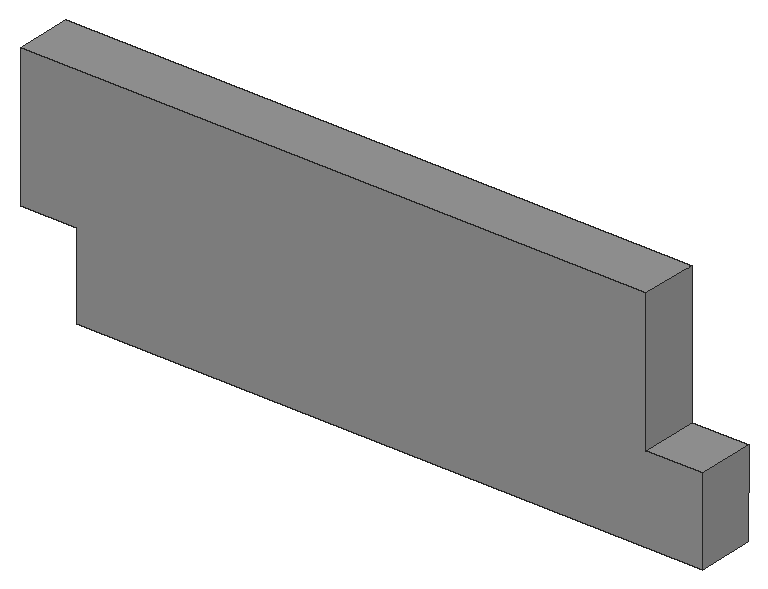
Revit family "Stonepanel_Sabbia_ESP", category Modelos genéricos, Revit 2017
Family settings
  Anfitrión = Muro
  Puede alojar armadura = No
  Cota de conector redondo = Diámetro de uso
  Tipo de pieza = Normal
  Siempre vertical = Sí
  Corte con vacíos al cargar = No
  Compartido = No
  Punto de cálculo de habitación = No
Parameters (values of type "Stonepanel® Sabbia")
  Ventajas de Stonepanel = "Eficaz: Instalación ágil y sencilla : 10 veces más rápido que la mampostería tradicional (Ritmo medio de colocación de 20 m2/día). Mayor rentabilidad gracias al menor desperdicio de material en obra y a la durabilidad de un producto natural frente a otros revestimientos. La colocación de los paneles no requiere mano de obra ni maquinaria especializada.\r\nSeguro: Un sistema de anclaje patentado, de acero inoxidable, que permite su instalación a más de 2 metros de altura. Base de cemento homogénea y rugosa que garantiza la adhesión y permite el corte sin desprendimiento.\r\nCalidad: Control permanente del proceso de producción desde la oficina I+D+I. Una cuidada selección de piedra natural realizada por los expertos de CUPASTONE. Disponibilidad de piezas especiales para adaptarse perfectamente a cada edificio: esquinas (macizas, rectas, dobles o para ventanas), cubremuros, y otros complementarios.\r\nEstética: Forma de “S” que evita la visión de las juntas para homogenizar el aspecto final. Gran variedad de paneles para elegir entre colores y acabados de piedra natural. La propia belleza y exclusividad de la piedra natural: Cada piedra es\r\núnica."
  Usos Indicados = "Revestimiento de Paredes exteriores e interiores en edificaciones nuevas o rehabilitaciones"
  Uniclass 2015 = "Pr_25_71_14_56 Natural stone panels"
  Uniclass 2 = "Pr_25_71_14_56 Natural stone panels"
  URL = "http://www.cupastone.es/producto/stonepanel-orient/"
  Sistema de anclaje = "Cinta perforada en acero inoxidable:\r\n- Naturaleza del acero: AISI 316 (1.4401) o AISI 304 (1.4301)\r\n- Espesor mínimo (mm) : 0,7\r\n- Ancho (mm) : 12 a 15\r\n- Diámetro del hueco (mm) : 6 ± 1\r\n\r\nTacos:\r\nLa elección de los tacos y clavijas de fijación debe ser realizada teniendo en cuenta la acción en depresión del viento (muros exteriores) y de la resistencia de los tacos en el soporte, en función de la naturaleza del soporte."
  Resistencia al fuego = "A1 incombustible"
  Resistencia = "Buena resistencia"
  Peso = "8,75 kg"
  Oxidación = "No oxida"
  Otros datos de interés del producto = "Dispone de un anclaje para instalar a alturas superiores a 2 metros"
  Omniclass = "23-15 15 15 11"
  NBS Reference = "45-25-45/380 Natural stone panels"
  Modelo = "Stonepanel® Sabbia"
  Material = "Panel de piedra caliza de tonalidad crema con surcos dorados y color tierra. Se trata de la piedra más clara y luminosa de STONEPANEL®."
  Limpieza = "En general, los paneles no requieren mantenimiento y son auto- limpiantes, pero la eliminación de algunos tipos de marcas pueden requerir un tratamiento especializado.\r\nEn caso de suciedad anormal, la superficie puede limpiarse con una mezcla / detergente doméstico y agua caliente , aplicada con una almohadilla de limpieza adecuado o una esponja."
  Largo = 600 mm
  Impacto = "-"
  Imagen de tipo = <Ninguno>
  H1 = 76 mm
  Formato = "600 x 200"
  Forma de suministro = "Los paneles se presentan en parejas, en un embalaje plástico de 2 piezas."
  Forma = "Forma de \"s\""
  Fabricante = "Cupastone"
  Envejecimiento por cambio térmicos = "Sin alteraciones despues de 20 ciclos."
  Ensayos realizados por Avis Technique = "Resistencia mecánica del anclaje, Resistencia mecánica de la cinta de seguridad, Ensayo de durabilidad tras la acción del agua, Ensayo de durabilidad tras la acción del hielo, Ensayo sísmico"
  Durabilidad = "Según el certificado BBA, el sistema tiene una vida de diseño superior a 30 años."
  Detalles constructivos = "Detalles de:\r\n- Instalación con perfil metálico\r\n- Instalación de Stonepanel\r\n- Instalación en muro interior\r\n- Instalación del elemento de seguridad (cinta perforada + tacos)\r\n- Esquinas entrantes\r\n- Esquinas salientes\r\n- Esquinas salientes pre-fabricadas\r\n- Esquinas salientes mediante serrado del panel\r\n- Esquinas salientes sin continuidad de Stonepanel (caso de una fachada lateral)\r\n- Bordes superiores\r\n- Sobre parapeto\r\n- Marco de vano"
  Desfase de altura = 0 mm
  Descripción = "Pieza de piedra natural montada sobre una base de cemento y reforzada con una malla de fibra de vidrio .\r\nPosee sistema de anclaje patentado, de acero inoxidable, que permite su instalación a más de 2 metros de altura"
  Densidad aparente = "79,5 kg/m2"
  Color secundario = "Dorado"
  Color principal = "Crema"
  Certificaciones = "Avis Technique\r\nResistencia mecánica del anclaje\r\nResistencia mecánica de la cinta de seguridad\r\nEnsayo de durabilidad tras la acción del agua\r\nEnsayo de durabilidad tras la acción del hielo\r\nEnsayo sísmico\r\nEnsayo de fuego"
  Aspecto = "Natural"
  Ancho = 50 mm
  Alto = 200 mm
  Acabado = "Natural"
  Absorción = "Baja absorción"
Reference planes
  plane 1 "Muro": y = 0
  plane 2 "Centro (Izquierda/Derecha)": x = 125
  plane 3 "Posterior": y = 75
Forms (mm)
  Extrusion 1, solid, material "Stonepanel® SKY Orient"
    sketch origin (0, 160, 1120) x (1, 0, 0) y (0, 0, 1)
      loop
        line (125, -1120) -> (125, -1044) -> (75, -1044) -> (75, -920) -> (-475, -920) -> (-475, -1044) -> (-425, -1044) -> (-425, -1120) -> (125, -1120)
    from 35 to 85
Lines and regions (mm)
  reference lines
    curve 1: line (-485, 0, 76) -> (235, 0, 76)
Text (mm)
  text "Cara de colocación" at (-1848.837, 1116.779, 0), in view "Nivel de referencia"
  text "Cara de colocación" at (0, 1409.804, 2854.306), in view "Izquierda"
  text "Cara de colocación" at (0, 499.811, 2980.732), in view "Derecha"
Dimensions and locks
  locked: plane 3 "Posterior" to host wall
  locked: Extrusion 1 to plane 3 "Posterior" at 0
  "Ancho": Extrusion 1 to Extrusion 1
  "Largo": Extrusion 1 to Extrusion 1
  "H1": level to Extrusion 1
  "Desfase de altura": level to Extrusion 1
  locked: Extrusion 1 to Extrusion 1 at 50  (x2)
  "Alto": level to Extrusion 1
  "H1": Extrusion 1 to Extrusion 1
  aligned and locked: plane 1 "Muro" to host wall
Automatic sketch dimensions
  Extrusion 1 sketch curve to level = 0 mm
  Extrusion 1 sketch curve to plane 2 "Centro (Izquierda/Derecha)" = 0 mm
  Extrusion 1 sketch curve to plane 2 "Centro (Izquierda/Derecha)" = 50 mm
  Extrusion 1 sketch curve to Extrusion 1 sketch curve = 500 mm
  Extrusion 1 sketch curve to Extrusion 1 sketch curve = 50 mm
  level to Extrusion 1 sketch curve = 76 mm  (x2)
  Extrusion 1 sketch curve to Extrusion 1 sketch curve = 124 mm
  level to curve 1 = 76 mm
  curve 1 to plane 2 "Centro (Izquierda/Derecha)" = 610 mm
  plane 2 "Centro (Izquierda/Derecha)" to curve 1 = 110 mm
